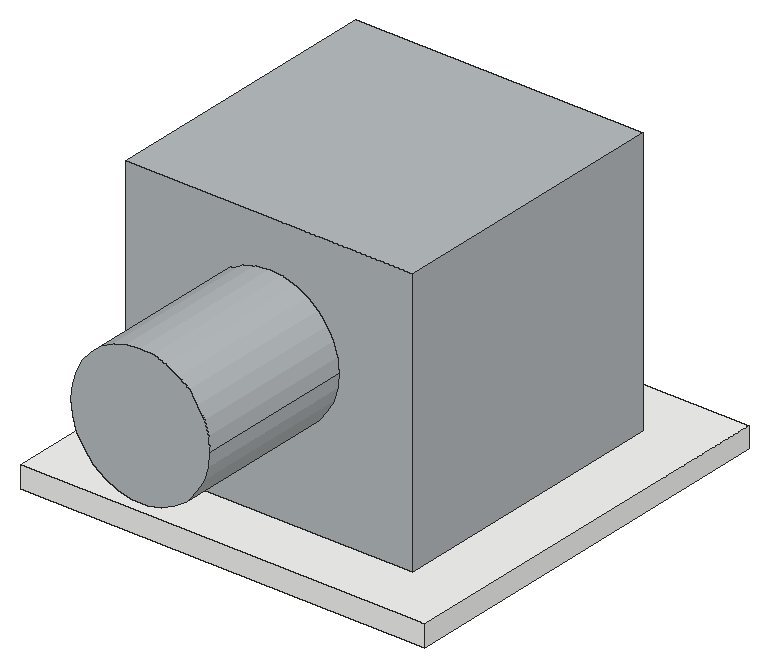
Revit family "vd-10z(s)j14_50Hz", category 機械設備, Revit 2019
Family settings
  丸型コネクタ寸法 = 直径を使用
  パーツ タイプ = 標準
  OmniClass 番号 = 23.75.35.17.27
  OmniClass タイトル = Centrifugal Fans
  作業面ベース = いいえ
  常に垂直 = はい
  ロード時にボイドで切り取り = いいえ
  共有 = いいえ
  部屋計算ポイント = はい
Parameters (values of type "VD-10ZSJ14")
  騒音レベル(dB(A)) [instance] = 28.5
  風量 [instance] = 125.0 m³/h
  電源種別 [instance] = ""
  電圧 = 100 V
  電動機出力 = 0 W
  電動機_種別 [instance] = ""
  運転質量 = 0.00 kg
  連動 [instance] = ""
  質量 = if(製品質量 > 運転質量, 製品質量, 運転質量) * 1.2  # 2.64 kg
  負荷分類 = 3_ファン類
  説明 = "取替専用 ダクト用換気扇 低騒音形"
  設計風量 [instance] = 0.0 m³/h
  設置方法 = "天埋"
  記号 [instance] = ""
  製造元 = "三菱電機株式会社"
  製品質量 = 2.20 kg
  製品出荷対象 = "国内"
  製品リリース年月 = "2024年6月3日"
  製品グループ = ""
  系統 [instance] = ""
  符号 [instance] = if(☑給気／□排気, "FS", "FE")  # "FE"
  積算_科目 = "2 換気設備"
  積算_拾い区分 [instance] = ""
  相 = 1
  盤記号 [instance] = ""
  発停方法 [instance] = ""
  特殊仕様 [instance] = ""
  火災停止 [instance] = ""
  消費電力 = 13.5 W
  法定耐用年数 = "15"
  機外静圧 [instance] = 0.0 Pa
  極数 = 2
  材質 [instance] = ""
  操作・制御方式 = ""
  操作・制御スイッチ = ""
  排気量 [instance] = if(☑給気／□排気, 0.0 m³/h, 設計風量)  # 0.0 m³/h
  形式 = "天井埋込ダクト形"
  幹線記号 [instance] = ""
  対象室 [instance] = ""
  実風量 [instance] = 0.0 m³/h
  始動方式 [instance] = "直入"
  外気量 [instance] = if(☑給気／□排気, 設計風量, 0.0 m³/h)  # 0.0 m³/h
  呼称 = "天井扇"
  周波数 = 50 Hz
  参照している仕様書等のバージョン = ""
  分類コード = "50052503100030"
  分類グループ = ""
  価格 = 27100
  企業コード = "108420"
  付属品_防振装置 = ""
  付属品 [instance] = ""
  仕様書バージョン = "Version1.0"
  モデル = "VD-10ZSJ14"
  マテリアル = 鋼板
  ファンの種類 = ""
  ダクト径 = 100 mm
  コメント [instance] = ""
  Keynote = ""
  カバーマテリアル = 合成樹脂(白)
  ☑給気／□排気 [instance] = no
  Width = 203 mm
  W1 = 286 mm
  Version = ""
  Uniclass2015Version = "Systems v1.9"
  Uniclass2015Title = "Centrifugal fans"
  Uniclass2015Code = "Pr_65_67_29_12"
  URL = "https://www.mitsubishielectric.co.jp/ldg/wink/qr/002/333572/"
  SpecificationReference = ""
  SpecificationDescription = ""
  Revision = ""
  ProductInformation = ""
  OmniClassCode = "23-33 31 19 11 15"
  MIN風量 = 0.0 m³/h
  MIN静圧 = 0.0 Pa
  MID風量 = 0.0 m³/h
  MID静圧 = 0.0 Pa
  MAX風量 = 125.0 m³/h
  MAX静圧 = 0.0 Pa
  IfcTypeProduct = ""
  IfcProduct = ""
  IfcExportType = "PROPELLORAXIAL"
  IfcExportAs = "IfcFanType"
  Height = 189 mm
  H1 = 15 mm
  EAサイズ_D = 98 mm
  Duct_Height = 107 mm
  Duct_Depth = 114 mm
  Duct_Center = 0 mm
  Depth = 203 mm
  D1 = 286 mm
  Author = "三菱電機株式会社"
Types (2, lengths in mm): name | 騒音レベル(dB(A)) | 風量 | 質量 | 製品質量 | 消費電力 | 価格 | モデル | Width | W1 | URL | MAX風量 | Height | Duct_Height | Duct_Center | Depth | D1
  VD-10ZJ14 | 25.5 | 90.0 m³/h | 2.40 kg | 2.00 kg | 7.2 W | 23900 | "VD-10ZJ14" | 171 | 250 | "https://www.mitsubishielectric.co.jp/ldg/wink/qr/002/333565/" | 90.0 m³/h | 217 | 140 | 11 | 171 | 250
  VD-10ZSJ14 | 28.5 | 125.0 m³/h | 2.64 kg | 2.20 kg | 13.5 W | 27100 | "VD-10ZSJ14" | 203 | 286 | "https://www.mitsubishielectric.co.jp/ldg/wink/qr/002/333572/" | 125.0 m³/h | 189 | 107 | 0 | 203 | 286
Reference planes
  plane 1 "中心(正面/背面)": y = 0
  plane 2: z = 0
  plane 3 "中心(左/右)": x = 0
  plane 4: x = -143
  plane 5: x = 143
  plane 6: y = 143
  plane 7: y = -143
  plane 8: x = -101.5
  plane 9: x = 101.5
  plane 10: y = 101.5
  plane 11: y = -101.5
  plane 12: y = -215.5
  plane 13: z = 189
  plane 14: z = -15
  plane 15: z = 107
  plane 16: x = 0
Forms (mm)
  Extrusion 1, solid, material "鋼板" <- "マテリアル", detail levels fine
    sketch origin (0, 0, 0) x (1, 0, 0) y (0, 1, 0)
      loop
        line (-101.5, 101.5) -> (-101.5, -101.5) -> (101.5, -101.5) -> (101.5, 101.5) -> (-101.5, 101.5)
    from 0 to 189
  Extrusion 2, solid, material "合成樹脂(白)" <- "カバーマテリアル", detail levels fine
    sketch origin (0, 0, 0) x (1, 0, 0) y (0, 1, 0)
      loop
        line (-143, 143) -> (-143, -143) -> (143, -143) -> (143, 143) -> (-143, 143)
    from 0 to -15
  Extrusion 3, solid, material "鋼板" <- "マテリアル", detail levels fine
    sketch origin (0, 0, 0) x (1, 0, 0) y (0, 0, 1)
      loop
        circle (0, 107) r 49
    from 101.5 to 215.5
Dimensions and locks
  equal spacing: plane 4, plane 3 "中心(左/右)", plane 5
  "W1": plane 4 to plane 5
  equal spacing: plane 6, plane 1 "中心(正面/背面)", plane 7
  "D1": plane 6 to plane 7
  equal spacing: plane 8, plane 3 "中心(左/右)", plane 9
  "Width": plane 8 to plane 9
  equal spacing: plane 10, plane 1 "中心(正面/背面)", plane 11
  "Depth": plane 10 to plane 11
  "Duct_Depth": plane 11 to plane 12
  "Height": plane 13 to plane 2
  "Duct_Height": plane 15 to plane 2
  "H1": plane 2 to plane 14
  "Duct_Center": plane 3 "中心(左/右)" to plane 16
  "EAサイズ_D": diameter of Extrusion 3 sketch curve
  aligned and locked: level to plane 2
  aligned and locked: plane 5 to Extrusion 2
  aligned and locked: plane 6 to Extrusion 2
  aligned and locked: Extrusion 2 to plane 4
  aligned and locked: Extrusion 2 to plane 7
  aligned and locked: plane 9 to Extrusion 1
  aligned and locked: Extrusion 1 to plane 11
  aligned and locked: Extrusion 1 to plane 8
  aligned and locked: plane 10 to Extrusion 1
  aligned and locked: plane 13 to Extrusion 1
  aligned and locked: Extrusion 2 to plane 14
  aligned and locked: level to Extrusion 2
  aligned and locked: Extrusion 1 to level
  aligned and locked: Extrusion 3 to plane 12
  aligned and locked: plane 11 to Extrusion 3
Automatic sketch dimensions
  Extrusion 1 sketch curve to plane 3 "中心(左/右)" = 101.5 mm
  plane 3 "中心(左/右)" to Extrusion 1 sketch curve = 101.5 mm
  Extrusion 2 sketch curve to plane 3 "中心(左/右)" = 143 mm
  plane 3 "中心(左/右)" to Extrusion 2 sketch curve = 143 mm
  plane 1 "中心(正面/背面)" to Extrusion 1 sketch curve = 101.5 mm
  Extrusion 1 sketch curve to plane 1 "中心(正面/背面)" = 101.5 mm
  plane 1 "中心(正面/背面)" to Extrusion 2 sketch curve = 143 mm
  Extrusion 2 sketch curve to plane 1 "中心(正面/背面)" = 143 mm
  Extrusion 3 sketch curve to plane 15 = 0 mm
  Extrusion 3 sketch curve to plane 16 = 0 mm
Nested families
  nested 1: "記号_天井換気扇_平面" at (0, 0, 0), type "記号_天井換気扇_平面", detail levels coarse+medium
Connectors
  hvac at (0, -215.5, 107), driven by "ダクト径", driven by "風量", driven by "機外静圧"
    settings: on Extrusion 3, index 1, duct flow 125.0 m³/h, flow factor 0, pres drop 0.0 Pa, loss coef 0, conn angle 0.00°, conn width 304.8 mm, conn height 304.8 mm, conn diameter 100 mm, duct sys type 3, conn prof type 0, flow config 0, flow direction 2, loss method 4, conn ref index -1, conn util no, is conn primary yes, conn desc ""
  electrical at (0, 0, 189), driven by "極数", driven by "負荷分類", driven by "電圧", driven by "消費電力"
    settings: on Extrusion 1, index 2, voltage 100 V, apparent load 13.5 VA, apparent load phase1 0 VA, apparent load phase2 0 VA, apparent load phase3 0 VA, power factor 1, load classification "3_ファン類", number of poles 2, system type 30, power factor state 1, is connector primary yes, connector utility no, sub classification motor no, connector description ""
Definition of nested family "記号_天井換気扇_平面"
  Reference planes
    plane 1: y = 0
    plane 2: x = 0
  Lines and regions (mm)
    detail lines
      curve 1: line (-2.5, 2.5, 0) -> (2.5, 2.5, 0)
      curve 2: line (-2.5, -2.5, 0) -> (-2.5, 2.5, 0)
      curve 3: line (2.5, -2.5, 0) -> (-2.5, -2.5, 0)
      curve 4: line (2.5, 2.5, 0) -> (2.5, -2.5, 0)
      curve 5: circle (-1.04, -1.04, 0) r 1.46 normal (0, 0, 1)
      curve 6: circle (1.04, 1.04, 0) r 1.46 normal (0, 0, 1)
      curve 7: line (-3.125, 3.125, 0) -> (3.125, 3.125, 0)
      curve 8: line (-3.125, -3.125, 0) -> (-3.125, 3.125, 0)
      curve 9: line (3.125, -3.125, 0) -> (-3.125, -3.125, 0)
      curve 10: line (3.125, 3.125, 0) -> (3.125, -3.125, 0)
      curve 11: circle (1.295, 1.295, 0) r 1.83 normal (0, 0, 1)
      curve 12: circle (-1.295, -1.295, 0) r 1.83 normal (0, 0, 1)
      curve 13: line (-2, 2, 0) -> (2, 2, 0)
      curve 14: line (-2, -2, 0) -> (-2, 2, 0)
      curve 15: line (2, -2, 0) -> (-2, -2, 0)
      curve 16: line (2, 2, 0) -> (2, -2, 0)
      curve 17: circle (0.84, 0.84, 0) r 1.16 normal (0, 0, 1)
      curve 18: circle (-0.84, -0.84, 0) r 1.2 normal (0, 0, 1)
